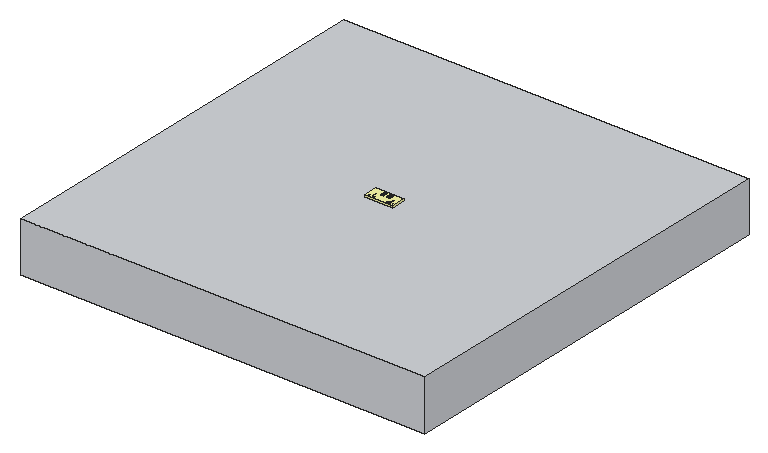
Revit family "EP_Twin Socket with Switch-UPS", category Electrical Fixtures, host Face, Revit 2013
Parameters
  Voltage = 230 V
  Load Classification = Twin Socket
  Load = 400 W
  Default Elevation = 1200 mm
Reference planes
  plane 1 "Center (Front/Back)": y = 0
  plane 2: z = 0
  plane 3 "Center (Left/Right)": x = 0
  plane 4: y = 43
  plane 5: y = -43
  plane 6 "Switch": z = 8
  plane 7: x = -86
  plane 8: x = 86
Forms (mm)
  Extrusion 1, solid
    sketch origin (0, 0, 0) x (1, 0, 0) y (0, 1, 0)
      loop
        line (-1219.2, 1219.2) -> (-1219.2, -1219.2) -> (1219.2, -1219.2) -> (1219.2, 1219.2) -> (-1219.2, 1219.2)
    from 0 to -304.8
  Extrusion 2, solid, material "Face Plate"
    sketch origin (-43, 0, 0) x (1, 0, 0) y (0, 1, 0)
      loop
        line (-43, -43) -> (129, -43) -> (129, 43) -> (-43, 43) -> (-43, -43)
    from 0 to 8
  Extrusion 3, void
    sketch origin (-43, 0, 0) x (1, 0, 0) y (0, 1, 0)
      loop
        line (-27, -29) -> (-15, -29) -> (-15, -24.618) -> (-27, -24.618) -> (-27, -29)
    from 0 to 8
  Extrusion 4, void
    sketch origin (-63, 0, 0) x (-1, 0, 0) y (0, -1, 0)
      loop
        line (-27, 29) -> (-27, 24.618) -> (-15, 24.618) -> (-15, 29) -> (-27, 29)
    from 0 to 8
  Extrusion 5, void
    sketch origin (-43, 0, 0) x (1, 0, 0) y (0, 1, 0)
      loop
        line (-12, -11) -> (-8, -11) -> (-8, 0.984) -> (-12, 0.984) -> (-12, -11)
    from 0 to 8
  Extrusion 6, solid, material "Face Plate"
    sketch origin (-45, 36.827, 0) x (0, -1, 0) y (0, 0, -1)
      loop
        line (6.07, -8) -> (27.827, -13.425) -> (27.827, -8) -> (6.07, -8)
    from 20 to 33
  Extrusion 7, void
    sketch origin (-45, -2.1, 0) x (1, 0, 0) y (0, 1, 0)
      loop
        line (20, 11.1) -> (33, 11.1) -> (33, 32.857) -> (20, 32.857) -> (20, 11.1)
      loop
        line (18, 35.014) -> (18, 9.1) -> (35, 9.1) -> (35, 35.014) -> (18, 35.014)
    from 7.5 to 8
  Extrusion 8, solid, material "Face Plate"
    sketch origin (45, 36.827, 0) x (0, -1, 0) y (0, 0, 1)
      loop
        line (6.07, 8) -> (27.827, 8) -> (27.827, 13.425) -> (6.07, 8)
    from 20 to 33
  Extrusion 9, void
    sketch origin (45, -2.1, 0) x (-1, 0, 0) y (0, -1, 0)
      loop
        line (20, -11.1) -> (20, -32.857) -> (33, -32.857) -> (33, -11.1) -> (20, -11.1)
      loop
        line (18, -35.014) -> (35, -35.014) -> (35, -9.1) -> (18, -9.1) -> (18, -35.014)
    from 7.5 to 8
  Extrusion 10, void
    sketch origin (43, 0, 0) x (-1, 0, 0) y (0, -1, 0)
      loop
        line (-12, 11) -> (-12, -0.984) -> (-8, -0.984) -> (-8, 11) -> (-12, 11)
    from 0 to 8
  Extrusion 11, void
    sketch origin (43, 0, 0) x (-1, 0, 0) y (0, -1, 0)
      loop
        line (-27, 29) -> (-27, 24.618) -> (-15, 24.618) -> (-15, 29) -> (-27, 29)
    from 0 to 8
  Extrusion 12, void
    sketch origin (63, 0, 0) x (1, 0, 0) y (0, 1, 0)
      loop
        line (-27, -29) -> (-15, -29) -> (-15, -24.618) -> (-27, -24.618) -> (-27, -29)
    from 0 to 8
Cuts and joins
  Extrusion 3, Extrusion 4, Extrusion 5, Extrusion 7, Extrusion 9, Extrusion 10, Extrusion 11, Extrusion 12 cuts Extrusion 2
Lines and regions (mm)
  model lines
    curve 1: line (-76, -33, 8) -> (-76, -21, 8)
    curve 2: line (-76, -21, 8) -> (-30, -21, 8)
    curve 3: line (-30, -21, 8) -> (-30, -33, 8)
    curve 4: line (-30, -33, 8) -> (-76, -33, 8)
    curve 5: line (-58, -15, 8) -> (-58, 5, 8)
    curve 6: line (-58, 5, 8) -> (-48, 5, 8)
    curve 7: line (-48, 5, 8) -> (-48, -15, 8)
    curve 8: line (-48, -15, 8) -> (-58, -15, 8)
    curve 9: line (76, -33, 8) -> (76, -21, 8)
    curve 10: line (76, -21, 8) -> (30, -21, 8)
    curve 11: line (30, -21, 8) -> (30, -33, 8)
    curve 12: line (30, -33, 8) -> (76, -33, 8)
    curve 13: line (58, -15, 8) -> (58, 5, 8)
    curve 14: line (58, 5, 8) -> (48, 5, 8)
    curve 15: line (48, 5, 8) -> (48, -15, 8)
    curve 16: line (48, -15, 8) -> (58, -15, 8)
Dimensions and locks
  aligned and locked: plane 2 to Extrusion 1
  aligned and locked: level to Extrusion 1
Nested families
  nested 1: "EP_TSS_U" at (0, 0, 0), type "EP_TSS_U"
Connectors
  electrical at (0, 0, 0), driven by "Load", driven by "Load Classification"
    settings: on cut or joined group of Extrusion 2, Extrusion 3, Extrusion 4, Extrusion 5, Extrusion 7, Extrusion 9, Extrusion 10, Extrusion 11, Extrusion 12, index 2, voltage 230 V, apparent load 0 W, apparent load phase1 400 W, apparent load phase2 0 W, apparent load phase3 0 W, power factor 1, load classification "Twin Socket", number of poles 1, system type 31, power factor state 1, is connector primary yes, connector utility no, sub classification motor no, connector description ""
Definition of nested family "EP_TSS_U"
  Reference planes
    plane 1: y = 0
    plane 2: x = 0
  Lines and regions (mm)
    detail lines, style "Power Symbols"
      curve 1: line (-1.494, 0, 0) -> (1.506, 0, 0)
      curve 2: arc (1.506, 0, 0) -> (0.006, 1.5, 0) -> (-1.494, 0, 0) r 1.5
      curve 3: line (0, 1.5, 0) -> (0, 2.75, 0)
      curve 4: line (-0.5, 2.235, 0) -> (0.5, 2.235, 0)
  Text (mm)
    text "2" at (0.002, 1.491, 0)
    text "U" at (1.522, 2.486, 0)
